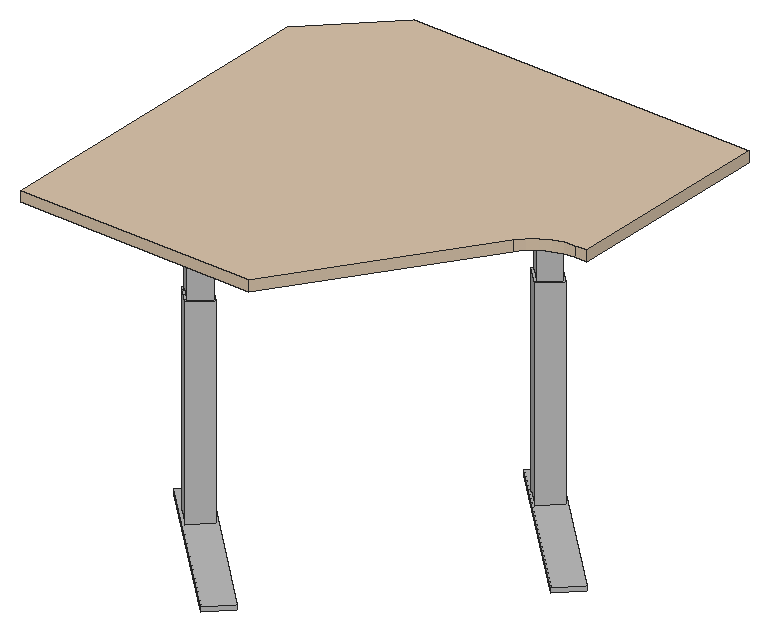
Revit family "Haworth_Planes_HeightAdjustTable_90-Angled", category Furniture Systems, Revit 2018
Family settings
  Round Connector Dimension = Use Diameter
  Part Type = Normal
  OmniClass Number = 23.40.70.14.64.21
  OmniClass Title = Systems Furniture
  Work Plane-Based = No
  Always vertical = Yes
  Cut with Voids When Loaded = No
  Shared = No
  Room Calculation Point = No
Parameters (values of type "46w 23d")
  Width = 46"
  Warranty = "http://www.haworth.com/resources/product-info/warranties"
  URL - Product = "https://www.haworth.com/products/tables/height-adjustable/planes"
  Table Finish [instance] = Haworth _ Laminate _ Maple H-AE
  Table Edge Finish [instance] = Haworth _ Laminate _ Maple H-AE
  Model = "TACU"  # constant formula
  Min/Max Width = "34, 40, 46 in."  # constant formula
  Min/Max Depth = "23 in."  # constant formula
  Min. Height = 27"  # constant formula
  Min. Width = 34"  # constant formula
  Min. Depth = 23"  # constant formula
  Max. Height = 46"  # constant formula
  Max. Width = 46"  # constant formula
  Max. Depth = 23"  # constant formula
  URL = "www.haworth.com"
  Support Height = Actual Height - Top Thickness  # 38 13/16"
  Size = "Verify Final Dim. w/ Haworth"  # constant formula
  Revision Number = "1"  # constant formula
  Manufacturer = "Haworth"  # constant formula
  Leg Side Offset = if(Width < 40", 11 1/2", if(Width = 40", 14", 17"))  # 17"
  Leg Finish [instance] = Haworth _ Paint _ Metallic Champagne
  Leg Back Offset = if(Width < 40", 14 11/32", if(Width = 40", 16 31/32", 18 5/32"))  # 18 5/32"
  Height = 40"
  Description = "Haworth Planes - HAT - 90 Angled - 46w 23d"
  Depth = 23"
  Custom Size = not(and(Depth = 23", or(Width = 34", Width = 40", Width = 46")))  # no
  Base Tube Finish = Haworth _ Paint _ Smoke
  Back Start Control = if(Actual Width < 40", 4 1/4", 5 83/128")  # 5 83/128"
  Author = "Haworth (Alias)"  # constant formula
  Assembly Code = "E2020200"
  Actual Width = if(Width > Max. Width, Max. Width, if(Width < Min. Width, Min. Width, Width))  # 46"
  Actual Height = if(Height > Max. Height, Max. Height, if(Height < Min. Height, Min. Height, Height))  # 40"
  Top Thickness = 1 3/16"  # constant formula
  Actual Depth = if(Depth > Max. Depth, Max. Depth, if(Depth < Min. Depth, Min. Depth, Depth))  # 23"
  23 Deep = Actual Depth < 27"  # yes
Types (3): name | Width | Leg Side Offset | Leg Back Offset | Description | Back Start Control | Actual Width
  40w 23d | 40" | 14" | 16 31/32" | "Haworth Planes - HAT - 90 Angled - 40w 23d" | 5 83/128" | 40"
  34w 23d | 34" | 11 1/2" | 14 11/32" | "Haworth Planes - HAT - 90 Angled - 34w 23d" | 4 1/4" | 34"
  46w 23d | 46" | 17" | 18 5/32" | "Haworth Planes - HAT - 90 Angled - 46w 23d" | 5 83/128" | 46"
Reference planes (in)
  plane 1 "Floor": z = 0
  plane 2 "Center L/R": x = 9
  plane 3 "Top": z = 40
  plane 4 "Table Bottom": z = 38.8125
  plane 5 "Back": y = 5.5
  plane 6 "Left": x = -14
  plane 7 "Inside Front": y = -17.5
  plane 8 "Right": x = 32
  plane 9 "Front": y = -40.5
  plane 10 "Inside Right": x = 9
  plane 11 "masking region": z = 38
  plane 12 "Center Angle": through (-14, 5.5, 48) normal (0.7071, 0.7071, 0)
  plane 13 "Back Angle": through (-1.97918, 17.52082, 48) normal (0.7071, 0.7071, 0)
  plane 14 "Front Angle": through (-26.02082, -6.52082, 48) normal (0.7071, 0.7071, 0)
  plane 15 "Center FB": y = -17.5
  plane 16 "Back Worksurface": through (-10.00595, 1.50595, 48) normal (0.7071, -0.7071, 0)
  plane 17 "Leg Middle": through (11.31774, -2.84717, 48) normal (0.7071, -0.7071, 0)
  plane 18 "Back Top Angle": through (-14, 5.5, 48) normal (-0.7071, 0.7071, 0)
Dimensions and locks (in)
  "Actual Height": plane 3 "Top" to level
  "Top Thickness": plane 3 "Top" to plane 4 "Table Bottom"
  "Actual Width": plane 8 "Right" to plane 6 "Left"
  equal spacing: plane 8 "Right", plane 2 "Center L/R", plane 6 "Left"
  "Actual Depth": plane 5 "Back" to plane 7 "Inside Front"
  "Actual Width": plane 5 "Back" to plane 9 "Front"
  "Actual Depth": plane 6 "Left" to plane 10 "Inside Right"
  locked: plane 3 "Top" to plane 11 "masking region" at 2
  equal spacing: plane 5 "Back", plane 15 "Center FB", plane 9 "Front"
  "Leg Side Offset": plane 13 "Back Angle" to plane 12 "Center Angle"
  "Leg Side Offset": plane 12 "Center Angle" to plane 14 "Front Angle"
  "Back Start Control": plane 18 "Back Top Angle" to plane 16 "Back Worksurface"
  "Leg Back Offset": plane 17 "Leg Middle" to plane 16 "Back Worksurface"
  aligned and locked: plane 1 "Floor" to nested 1
  aligned and locked: nested 1 to plane 17 "Leg Middle"
  aligned and locked: nested 2 to plane 17 "Leg Middle"
  aligned and locked: nested 1 to plane 14 "Front Angle"
  aligned and locked: plane 13 "Back Angle" to nested 2
  aligned and locked: plane 1 "Floor" to nested 3
  aligned and locked: nested 3 to plane 6 "Left"
  aligned and locked: plane 5 "Back" to nested 3
  aligned and locked: nested 2 to plane 1 "Floor"
Nested families (in)
  nested 1: "Haworth_Support-Height_Adjustable_Leg_Part" at (-8.21609, -22.381, 0) x (0.7071, 0.7071, 0) z (0, 0, 1), type "Leg"
    with Leg Height 38 13/16"
  nested 2: "Haworth_Support-Height_Adjustable_Leg_Part" at (13.881, -0.28391, 0) x (-0.7071, -0.7071, 0) z (0, 0, 1), type "Leg"
    with Leg Height 38 13/16"
  nested 3: "Haworth_Planes_Worksurface_90Angled_Part" at (6, -29.5, 0), type "Worksurface"
    with Actual Height 40"
Definition of nested family "Haworth_Support-Height_Adjustable_Leg_Part"
  Parameters (values of type "Leg")
    URL = "www.haworth.com"
    Top Support Front = if([29 Deep], 14 1/8", 8 1/8")  # 8 1/8"
    Note = "Verify Final Dim. w/ Haworth"  # constant formula
    Manufacturer = "Haworth"  # constant formula
    Leg Length Middle = if([29 Deep], 9 1/8", 7 1/8")  # 7 1/8"
    Leg Length Front = if([29 Deep], 19 5/16", 16 5/16")  # 16 5/16"
    Leg Length Back = if([29 Deep], 8 1/8", 5 1/8")  # 5 1/8"
    Leg Height = 27 13/16"
    Leg Finish = none
    Glide Finish = none
    Base Tube Finish = none
    Assembly Code = ""
    Actual Depth = if([29 Deep], 27 7/16", 21 7/16")  # 21 7/16"
    29 Deep = not([23 Deep])  # no
    23 Deep = yes
  Reference planes (in)
    plane 1 "Center (Front/Back)": y = 0
    plane 2 "Bottom": z = 0
    plane 3 "Center (Left/Right)": x = 0
    plane 4 "Bottom of Top": z = 27.8125
    plane 5 "Top of Base": z = 2.5625
    plane 6: z = 1.5625
    plane 7: y = 2.4375
    plane 8: y = -12.125
    plane 9: x = 1.375
    plane 10: x = -1.375
    plane 11: x = -1.625
    plane 12: x = 1.625
    plane 13: y = 5.125
    plane 14: y = -16.3125
    plane 15: y = -14.9375
    plane 16: y = 3.9375
    plane 17 "Support Bottom": z = 25.1875
    plane 18: z = 26.5
    plane 19: y = 7.875
    plane 20: y = -8.125
    plane 21 "Top of Leg": z = 23.5625
  Forms (in)
    Extrusion 1, solid, material <- "Leg Finish"
      sketch origin (0, 0, 0) x (0, -1, 0) y (0, 0, -1)
        loop
          line (16.3125, -0.375) -> (-5.125, -0.375) -> (-5.125, -0.875) -> (16.3125, -0.875) -> (16.3125, -0.375)
      from -1.625 to 1.625
    Extrusion 2, solid, material <- "Leg Finish"
      sketch origin (0, 0, 2.5625) x (-1, 0, 0) y (0, -1, 0)
        loop
          line (1.375, -1.375) -> (1.375, 1.375) -> (-1.375, 1.375) -> (-1.375, -1.375) -> (1.375, -1.375)
      from -1.6875 to 21
    Extrusion 3, solid, material <- "Leg Finish"
      sketch origin (-1.375, -19.87459, 48) x (0, -1, 0) y (0, 0, -1)
        loop
          line (-10.24959, 20.1875) -> (-10.24959, 21.66628) -> (-16.14638, 22.8125) -> (-20.66006, 22.8125) -> (-26.24959, 20.55418) -> (-26.24959, 20.1875) -> (-10.24959, 20.1875)
      from 0 to -0.125
    Extrusion 4, solid, material <- "Base Tube Finish"
      sketch origin (0, 0, 2.5625) x (-1, 0, 0) y (0, -1, 0)
        loop
          line (1.1875, -1.1875) -> (1.1875, 1.1875) -> (-1.1875, 1.1875) -> (-1.1875, -1.1875) -> (1.1875, -1.1875)
      from 21 to 25.25
    Extrusion 5, solid, material <- "Glide Finish"
      sketch origin (0, 0, 0) x (1, 0, 0) y (0, 1, 0)
        loop
          circle (0, 2.4375) r 1.12339
        loop
          circle (0, -12.125) r 1.12816
      from 0 to 0.375
  Cuts and joins
    joined: Extrusion 1, Extrusion 2
  Lines and regions (in)
    Masking region 1, detail levels medium+fine
      outline origin (0, 0, 0) x (1, 0, 0) y (0, 1, 0)
        loop
          line (-1.625, -16.3125) -> (1.625, -16.3125) -> (1.625, 5.125) -> (-1.625, 5.125) -> (-1.625, -16.3125)
    symbolic lines, detail levels medium+fine
      curve 1: line (-1.375, 1.375, 0) -> (1.375, 1.375, 0)
      curve 2: line (-1.375, -1.375, 0) -> (-1.375, 1.375, 0)
      curve 3: line (1.375, -1.375, 0) -> (-1.375, -1.375, 0)
      curve 4: line (1.375, 1.375, 0) -> (1.375, -1.375, 0)
  Dimensions and locks (in)
    "Leg Height": plane 4 "Bottom of Top" to level
    level to plane 5 "Top of Base" = 2 9/16"
    level to plane 6 = 1 9/16"
    locked: plane 10 to plane 9 at 2.75
    locked: plane 11 to plane 12 at 3.25
    equal spacing: plane 11, plane 3 "Center (Left/Right)", plane 12
    equal spacing: plane 10, plane 3 "Center (Left/Right)", plane 9
    plane 4 "Bottom of Top" to plane 17 "Support Bottom" = 2 5/8"
    Extrusion 2 sketch curve to plane 1 "Center (Front/Back)" to Extrusion 2 sketch curve = 1 3/8", 1 3/8"
    locked: plane 21 "Top of Leg" to level at 23.5625
    "Leg Length Front": plane 14 to plane 1 "Center (Front/Back)"
    "Leg Length Back": plane 1 "Center (Front/Back)" to plane 13
    locked: plane 14 to plane 15 at 1.375
    locked: plane 15 to plane 8 at 2.8125
    locked: plane 16 to plane 13 at 1.1875
    locked: plane 7 to plane 16 at 1.5
    plane 1 "Center (Front/Back)" to plane 13 = 5 1/8"
    "Top Support Front": plane 20 to plane 1 "Center (Front/Back)"
    angle plane 4 "Bottom of Top" to Extrusion 3 sketch curve = 22.00°
    angle Extrusion 3 sketch curve to plane 4 "Bottom of Top" = 11.00°
    aligned and locked: plane 12 to Extrusion 1
    aligned and locked: Extrusion 1 to plane 11
    aligned and locked: plane 10 to Extrusion 2 sketch curve
    aligned and locked: Extrusion 2 sketch curve to plane 9
    aligned: plane 4 "Bottom of Top" to Extrusion 2
    aligned and locked: Extrusion 3 sketch curve to plane 17 "Support Bottom"
    aligned and locked: Extrusion 3 sketch curve to plane 4 "Bottom of Top"
    aligned and locked: plane 21 "Top of Leg" to cut or joined group of Extrusion 1, Extrusion 2
    aligned and locked: plane 4 "Bottom of Top" to Extrusion 4
    aligned and locked: Extrusion 2 to Extrusion 1
    aligned and locked: Masking region 1 sketch curve to plane 12
    aligned and locked: plane 11 to Masking region 1 sketch curve
    aligned and locked: plane 14 to Masking region 1 sketch curve
    aligned and locked: curve 1 to cut or joined group of Extrusion 1, Extrusion 2
    aligned and locked: curve 2 to cut or joined group of Extrusion 1, Extrusion 2
    aligned and locked: curve 3 to cut or joined group of Extrusion 1, Extrusion 2
    aligned and locked: curve 4 to cut or joined group of Extrusion 1, Extrusion 2
  Automatic sketch dimensions
    plane 19 to Extrusion 3 sketch curve = 1 1/2"
    plane 20 to Extrusion 3 sketch curve = 1 1/2"
    plane 1 "Center (Front/Back)" to Extrusion 3 sketch curve = 0.78546"
    Extrusion 3 sketch curve to plane 1 "Center (Front/Back)" = 3.72822"
    Extrusion 4 sketch curve to plane 9 = 3/16"
    plane 10 to Extrusion 4 sketch curve = 3/16"
    Extrusion 4 sketch curve to plane 1 "Center (Front/Back)" = 1 3/16"
    plane 1 "Center (Front/Back)" to Extrusion 4 sketch curve = 1 3/16"
    Extrusion 5 sketch curve to plane 3 "Center (Left/Right)" = 0"  (x2)
    Extrusion 5 sketch curve to plane 8 = 0"
    Extrusion 5 sketch curve to plane 7 = 0"
    Extrusion 1 sketch curve to plane 13 = 0"
    Extrusion 1 sketch curve to plane 14 = 0"
    Extrusion 1 sketch curve to level = 3/8"
    Extrusion 1 sketch curve to Extrusion 1 sketch curve = 1/2"
    Masking region 1 sketch curve to plane 13 = 0"
    radius of Extrusion 5 sketch curve = 1.12339"
    radius of Extrusion 5 sketch curve = 1.12816"
Definition of nested family "Haworth_Planes_Worksurface_90Angled_Part"
  Parameters (values of type "Worksurface")
    Warranty = "http://www.haworth.com/resources/product-info/warranties"
    URL - Product = ""
    URL = "www.haworth.com"
    Thickness = 1 3/16"  # constant formula
    Table Finish = none
    Table Edge Finish = none
    Size = "Verify Final Dim. w/ Haworth"  # constant formula
    Revision Number = ""
    Radius = if(Actual Width < 36", 3", 6")  # 6"
    Model = "Haworth Planes"  # constant formula
    Manufacturer = "Haworth"  # constant formula
    Description = "Haworth Planes Worksurface - Part"
    Depth Wide = Actual Depth + 3"  # 26"
    Back Flat Offset = if(Actual Width < 40", 4 1/4", 5 83/128")  # 5 83/128"
    Author = "Haworth (Alias)"  # constant formula
    Assembly Code = ""
    Angular = if(Actual Width < 40", 95.00°, if(Actual Width = 40", 106.00°, 117.00°))  # 117.00°
    Actual Width = 46"
    Actual Height = 29"
    Actual Depth = 23"
  Reference planes (in)
    plane 1: z = 0
    plane 2 "Table Front": y = 35
    plane 3 "Table Right": x = 26
    plane 4 "Table Left": x = -20
    plane 5 "Table Back": y = -11
    plane 6 "Table Top": z = 29
    plane 7 "Table Bottom": z = 27.8125
    plane 8 "Knife Edge Middle": z = 28.625
    plane 9: through (-20, 35, 48) normal (0.7071, 0.7071, 0)
    plane 10 "Depth Inside": y = 12
    plane 11 "Back Offset": through (-20, 35, 48) normal (-0.7071, 0.7071, 0)
    plane 12 "Worksurface Back": through (-9.73298, 37.27892, 48) normal (0.7071, -0.7071, 0)
  Forms (in)
    Extrusion 1, solid, material <- "Table Finish"
      sketch origin (0, 0, 0) x (1, 0, 0) y (0, 1, 0)
        loop
          line (-12.0119, 35) -> (-20, 27.0119) -> (-20, -11) -> (6, -11) -> (19.7506, 9.3583)
          arc (19.7506, 9.3583) -> (21.90755, 11.29858) -> (24.7227, 12) r 6
          line (24.7227, 12) -> (26, 12) -> (26, 35) -> (-12.0119, 35)
      from 27.8125 to 29
  Lines and regions (in)
    Masking region 1
      outline origin (0, 0, 0) x (1, 0, 0) y (0, 1, 0)
        loop
          line (6, -11) -> (19.7506, 9.3583)
          arc (19.7506, 9.3583) -> (21.90755, 11.29858) -> (24.7227, 12) r 6
          line (24.7227, 12) -> (26, 12) -> (26, 35) -> (-12.0119, 35) -> (-20, 27.0119) -> (-20, -11) -> (6, -11)
  Dimensions and locks (in)
    "Actual Width": plane 4 "Table Left" to plane 3 "Table Right"
    "Thickness": plane 6 "Table Top" to plane 7 "Table Bottom"
    "Actual Height": plane 6 "Table Top" to level
    locked: plane 6 "Table Top" to plane 8 "Knife Edge Middle" at 0.375
    "Actual Width": plane 2 "Table Front" to plane 5 "Table Back"
    "Actual Depth": plane 10 "Depth Inside" to plane 2 "Table Front"
    "Back Flat Offset": plane 11 "Back Offset" to plane 12 "Worksurface Back"
    "Depth Wide": plane 4 "Table Left" to Extrusion 1 sketch curve
    "Depth Wide": plane 4 "Table Left" to Masking region 1 sketch curve
    "Radius": radius of Extrusion 1 sketch curve
    "Radius": radius of Masking region 1 sketch curve
    aligned and locked: Extrusion 1 sketch curve to plane 2 "Table Front"
    aligned and locked: plane 6 "Table Top" to Extrusion 1
    aligned and locked: Extrusion 1 to plane 7 "Table Bottom"
    aligned and locked: plane 5 "Table Back" to Extrusion 1 sketch curve
    aligned and locked: plane 3 "Table Right" to Extrusion 1 sketch curve
    aligned and locked: plane 4 "Table Left" to Extrusion 1 sketch curve
    aligned and locked: plane 12 "Worksurface Back" to Extrusion 1 sketch curve
    aligned and locked: Extrusion 1 sketch curve to plane 10 "Depth Inside"
    aligned and locked: plane 5 "Table Back" to Masking region 1 sketch curve
    aligned and locked: Masking region 1 sketch curve to plane 4 "Table Left"
    aligned and locked: Masking region 1 sketch curve to plane 12 "Worksurface Back"
    aligned and locked: plane 2 "Table Front" to Masking region 1 sketch curve
    aligned and locked: Masking region 1 sketch curve to plane 3 "Table Right"
  Automatic sketch dimensions
    plane 10 "Depth Inside" to Extrusion 1 sketch curve = 2.6417"
    plane 3 "Table Right" to Extrusion 1 sketch curve = 6.2494"
    plane 10 "Depth Inside" to Masking region 1 sketch curve = 0"
    plane 10 "Depth Inside" to Masking region 1 sketch curve = 2.6417"
    plane 3 "Table Right" to Masking region 1 sketch curve = 6.2494"
